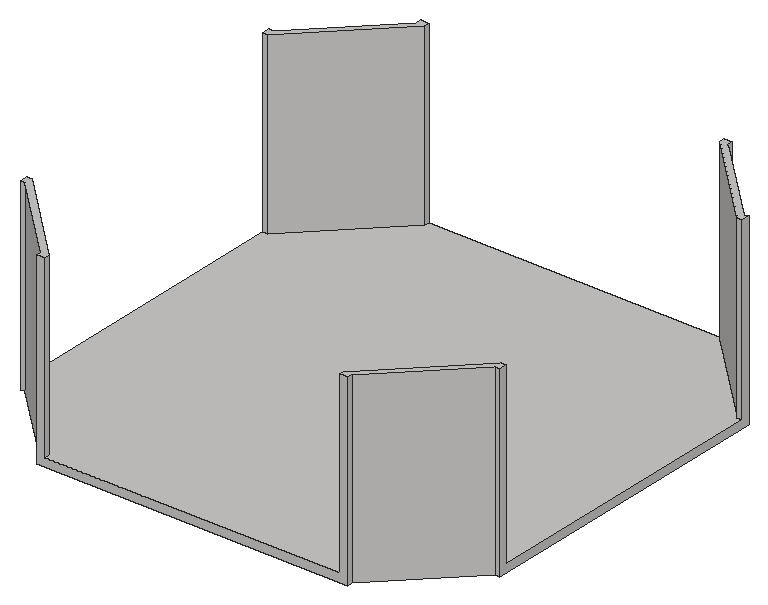
Revit family "Cable_Tray_Fitting-Wire_Mesh_Tray-OBO_Bettermann-Channel_Horizontal_Cross_Over_100-300-GR_Magic", category Cable Tray Fittings, Revit 2012
Parameters (values of type "Hot Dipped Galvanised")
  URL = "http://www.obo-bettermann.com/"
  Tray Width 3 [instance] = 100 mm
  Tray Width 1 [instance] = 100 mm
  Tray Length [instance] = 1.588 mm
  Tray Height [instance] = 60 mm
  built-in parameter 1140111 [instance] = 2.58 mm
  Radius Label 1 [instance] = Radius Label + [built-in parameter 1140111]  # 27.98 mm
  Radius Label [instance] = Radius  # 25.4 mm
  Radius = 25.4 mm
  Product Page URL = "http://catalog2.obo-bettermann.com/catalogue/catalogue.do?favOid=kts_315619&act=showIO&lang=en&action=start&catId=KTS&forward=showSolutionView"
  Product Documentation Link = ""
  Pre Galvanized = yes
  Model = "GR-Magic"
  Manufacturer = "OBO Bettermann"
  Description = "Wire Mesh Cable Tray"
  Connector Description 4 = "Connector for Cable Tray 4"  # constant formula
  Connector Description 3 = "Connector for Cable Tray 3"  # constant formula
  Connector Description 2 = "Connector for Cable Tray 2"  # constant formula
  Connector Description = "Connector for Cable Tray 1"  # constant formula
  Classification = "Refer to online Catalog for UL and cUL classifed sizes and wire sizes."
  Cable Tray Material = Metal - OBO Bettermann - Hot-Dipped-Galvanised
  Assembly Code = "D5030600"
Types (2, lengths in mm): name | Cable Tray Material
  Electro Galvanised | Metal - OBO Bettermann - Electro-Galvanised
  Hot Dipped Galvanised | Metal - OBO Bettermann - Hot-Dipped-Galvanised
Reference planes
  plane 1 "Center (Front/Back)": y = 0
  plane 2: z = 0
  plane 3 "Center (Left/Right)": x = 0
  plane 4: y = 50
  plane 5: y = -50
  plane 6: z = 30
  plane 7: z = -30
  plane 8: y = -75.4
  plane 9: x = -50
  plane 10: x = 50
  plane 11: x = -75.4
  plane 12: x = 75.4
  plane 13: y = -47.42
  plane 14: y = 47.42
  plane 15: y = -76.988
  plane 16: x = -47.42
  plane 17: x = 47.42
  plane 18: x = -76.987
  plane 19: x = 76.988
  plane 20: z = -27.42
  plane 21: y = 75.4
  plane 22: y = 76.987
Forms (mm)
  Extrusion 1, solid, material "Metal - OBO Bettermann - Hot-Dipped-Galvanised" <- "Cable Tray Material", detail levels medium+fine
    sketch origin (-0.8, 0, 0) x (1, 0, 0) y (0, 1, 0)
      loop
        line (-76.187, -47.42) -> (-76.187, -50) -> (-74.6, -50) -> (-49.2, -75.4) -> (-49.2, -76.988) -> (-46.62, -76.988) -> (-46.62, -75.4) -> (-74.6, -47.42) -> (-76.187, -47.42)
      loop
        line (76.2, -50) -> (77.788, -50) -> (77.788, -47.42) -> (76.2, -47.42) -> (48.22, -75.4) -> (48.22, -76.988) -> (50.8, -76.988) -> (50.8, -75.4) -> (76.2, -50)
      loop
        line (-76.187, 50) -> (-76.187, 47.42) -> (-74.6, 47.42) -> (-46.62, 75.4) -> (-46.62, 76.987) -> (-49.2, 76.987) -> (-49.2, 75.4) -> (-74.6, 50) -> (-76.187, 50)
      loop
        line (48.22, 76.987) -> (48.22, 75.4) -> (76.2, 47.42) -> (77.788, 47.42) -> (77.788, 50) -> (76.2, 50) -> (50.8, 75.4) -> (50.8, 76.987) -> (48.22, 76.987)
    from -30 to 30
  Extrusion 2, solid, material "Metal - OBO Bettermann - Hot-Dipped-Galvanised" <- "Cable Tray Material", detail levels medium+fine
    sketch origin (0, 0, 0) x (1, 0, 0) y (0, 1, 0)
      loop
        line (-76.987, -50) -> (-75.4, -50) -> (-50, -75.4) -> (-50, -76.988) -> (50, -76.988) -> (50, -75.4) -> (75.4, -50) -> (76.988, -50) -> (76.988, 50) -> (75.4, 50) -> (50, 75.4) -> (50, 76.987) -> (-50, 76.987) -> (-50, 75.4) -> (-75.4, 50) -> (-76.987, 50) -> (-76.987, -50)
    from -30 to -27.42
  Extrusion 3, solid, material "Metal - OBO Bettermann - Hot-Dipped-Galvanised" <- "Cable Tray Material", detail levels medium
    sketch origin (0, 0, 0) x (1, 0, 0) y (0, 1, 0)
      loop
        line (-76.987, 50) -> (-76.987, -50) -> (-75.4, -50) -> (-50, -75.4) -> (-50, -76.988) -> (50, -76.988) -> (50, -75.4) -> (75.4, -50) -> (76.988, -50) -> (76.988, 50) -> (75.4, 50) -> (50, 75.4) -> (50, 76.987) -> (-50, 76.987) -> (-50, 75.4) -> (-75.4, 50) -> (-76.987, 50)
    from -30 to 30
Cuts and joins
  joined: Extrusion 1, Extrusion 2
Lines and regions (mm)
  model lines, style "Coarse View", detail levels coarse
    curve 1: line (-76.987, 0, 0) -> (76.988, 0, 0)
    curve 2: line (0, 0, 0) -> (0, -76.988, 0)
    curve 3: line (0, 76.987, 0) -> (0, 0, 0)
  symbolic lines, detail levels fine
    curve 4: line (47.42, 76.987, 0) -> (47.42, 75.4, 0)
    curve 5: line (47.42, 75.4, 0) -> (75.4, 47.42, 0)
    curve 6: line (75.4, 47.42, 0) -> (76.988, 47.42, 0)
    curve 7: line (76.988, -47.42, 0) -> (75.4, -47.42, 0)
    curve 8: line (75.4, -47.42, 0) -> (47.42, -75.4, 0)
    curve 9: line (47.42, -75.4, 0) -> (47.42, -76.988, 0)
    curve 10: line (-47.42, -76.988, 0) -> (-47.42, -75.4, 0)
    curve 11: line (-47.42, -75.4, 0) -> (-75.4, -47.42, 0)
    curve 12: line (-75.4, -47.42, 0) -> (-76.987, -47.42, 0)
Dimensions and locks
  equal spacing: plane 4, plane 1 "Center (Front/Back)", plane 5
  "Tray Width 1": plane 4 to plane 5
  equal spacing: plane 6, plane 2, plane 7
  "Tray Height": plane 6 to plane 7
  "Radius Label": plane 5 to plane 8
  equal spacing: plane 9, plane 3 "Center (Left/Right)", plane 10
  "Tray Width 3": plane 9 to plane 10
  "Radius Label": plane 11 to plane 9
  "Radius Label": plane 10 to plane 12
  "built-in parameter 1140111": plane 13 to plane 5
  "built-in parameter 1140111": plane 4 to plane 14
  "Tray Length": plane 8 to plane 15
  "built-in parameter 1140111": plane 9 to plane 16
  "built-in parameter 1140111": plane 17 to plane 10
  "Tray Length": plane 18 to plane 11
  "Tray Length": plane 12 to plane 19
  "built-in parameter 1140111": plane 20 to plane 7
  "Tray Length": plane 21 to plane 22
  "Radius": plane 21 to plane 4
  aligned and locked: plane 11 to Extrusion 1 sketch curve  (x4)
  aligned and locked: Extrusion 1 sketch curve to plane 13
  aligned and locked: plane 18 to Extrusion 1 sketch curve  (x2)
  aligned and locked: Extrusion 1 sketch curve to plane 5
  aligned and locked: plane 8 to Extrusion 1 sketch curve  (x4)
  aligned and locked: plane 15 to Extrusion 1 sketch curve  (x2)
  aligned and locked: plane 16 to Extrusion 1 sketch curve  (x3)
  aligned and locked: plane 9 to Extrusion 1 sketch curve  (x3)
  aligned and locked: Extrusion 1 sketch curve to plane 15  (x2)
  aligned and locked: Extrusion 1 sketch curve to plane 18  (x2)
  aligned and locked: Extrusion 1 to plane 7
  aligned and locked: plane 6 to Extrusion 1
  aligned and locked: plane 19 to Extrusion 1 sketch curve  (x3)
  aligned and locked: plane 5 to Extrusion 1 sketch curve  (x3)
  aligned and locked: plane 13 to Extrusion 1 sketch curve  (x3)
  aligned and locked: Extrusion 1 sketch curve to plane 19
  aligned and locked: Extrusion 1 sketch curve to plane 17
  aligned and locked: Extrusion 1 sketch curve to plane 10  (x2)
  aligned and locked: plane 10 to Extrusion 1 sketch curve  (x2)
  aligned and locked: plane 17 to Extrusion 1 sketch curve  (x3)
  aligned and locked: plane 18 to Extrusion 2 sketch curve  (x2)
  aligned and locked: plane 11 to Extrusion 2 sketch curve  (x2)
  aligned and locked: Extrusion 2 sketch curve to plane 5
  aligned and locked: plane 4 to Extrusion 2 sketch curve
  aligned and locked: plane 5 to Extrusion 2 sketch curve
  aligned and locked: plane 19 to Extrusion 2 sketch curve  (x2)
  aligned and locked: plane 12 to Extrusion 2 sketch curve  (x2)
  aligned and locked: plane 8 to Extrusion 2 sketch curve  (x2)
  aligned and locked: plane 15 to Extrusion 2 sketch curve
  aligned and locked: plane 10 to Extrusion 2 sketch curve
  aligned and locked: plane 9 to Extrusion 2 sketch curve
  aligned and locked: Extrusion 2 sketch curve to plane 15
  aligned and locked: Extrusion 2 to plane 7
  aligned and locked: plane 20 to Extrusion 2
  aligned and locked: plane 18 to Extrusion 3 sketch curve  (x2)
  aligned and locked: plane 11 to Extrusion 3 sketch curve  (x2)
  aligned and locked: Extrusion 3 sketch curve to plane 5  (x2)
  aligned and locked: plane 4 to Extrusion 3 sketch curve  (x2)
  aligned and locked: plane 5 to Extrusion 3 sketch curve
  aligned and locked: plane 12 to Extrusion 3 sketch curve  (x2)
  aligned and locked: plane 19 to Extrusion 3 sketch curve  (x2)
  aligned and locked: plane 15 to Extrusion 3 sketch curve
  aligned and locked: Extrusion 3 sketch curve to plane 10  (x2)
  aligned and locked: plane 8 to Extrusion 3 sketch curve
  aligned and locked: plane 10 to Extrusion 3 sketch curve
  aligned and locked: plane 9 to Extrusion 3 sketch curve
  aligned and locked: Extrusion 3 sketch curve to plane 15
  aligned and locked: Extrusion 3 to plane 7
  aligned and locked: plane 6 to Extrusion 3
  aligned and locked: plane 19 to curve 1
  aligned and locked: plane 18 to curve 1
  aligned and locked: plane 15 to curve 2
  aligned and locked: plane 1 "Center (Front/Back)" to curve 2
  aligned and locked: curve 2 to plane 3 "Center (Left/Right)"
  aligned and locked: Extrusion 1 sketch curve to plane 14
  aligned and locked: Extrusion 1 sketch curve to plane 4
  aligned and locked: plane 22 to Extrusion 1 sketch curve  (x4)
  aligned and locked: Extrusion 1 sketch curve to plane 9
  aligned and locked: Extrusion 1 sketch curve to plane 16
  aligned and locked: plane 4 to Extrusion 1 sketch curve  (x2)
  aligned and locked: plane 14 to Extrusion 1 sketch curve  (x2)
  aligned and locked: plane 22 to Extrusion 3 sketch curve  (x2)
  aligned and locked: plane 21 to Extrusion 3 sketch curve  (x2)
  aligned and locked: Extrusion 3 sketch curve to plane 9
  aligned and locked: plane 22 to Extrusion 2 sketch curve  (x2)
  aligned and locked: plane 21 to Extrusion 2 sketch curve  (x2)
  aligned and locked: Extrusion 2 sketch curve to plane 9
  aligned and locked: Extrusion 2 sketch curve to plane 10
  aligned and locked: plane 22 to curve 3
  aligned and locked: curve 3 to plane 3 "Center (Left/Right)"
  aligned and locked: plane 12 to Extrusion 1 sketch curve  (x3)
  aligned and locked: plane 21 to Extrusion 1 sketch curve  (x4)
  aligned and locked: Extrusion 3 sketch curve to cut or joined group of Extrusion 1, Extrusion 2  (x4)
  aligned and locked: Extrusion 2 sketch curve to cut or joined group of Extrusion 1, Extrusion 2  (x4)
  aligned and locked: curve 4 to cut or joined group of Extrusion 1, Extrusion 2
  aligned and locked: curve 5 to cut or joined group of Extrusion 1, Extrusion 2
  aligned and locked: curve 6 to cut or joined group of Extrusion 1, Extrusion 2
  aligned and locked: curve 7 to cut or joined group of Extrusion 1, Extrusion 2
  aligned and locked: curve 8 to cut or joined group of Extrusion 1, Extrusion 2
  aligned and locked: curve 9 to cut or joined group of Extrusion 1, Extrusion 2
  aligned and locked: curve 10 to cut or joined group of Extrusion 1, Extrusion 2
  aligned and locked: curve 11 to cut or joined group of Extrusion 1, Extrusion 2
  aligned and locked: curve 12 to cut or joined group of Extrusion 1, Extrusion 2
  aligned and locked: plane 18 to curve 12
  aligned and locked: plane 15 to curve 10
  aligned and locked: plane 15 to curve 9
  aligned and locked: plane 19 to curve 7
  aligned and locked: plane 19 to cut or joined group of Extrusion 1, Extrusion 2
  aligned and locked: plane 19 to curve 6
  aligned and locked: plane 22 to curve 4
  aligned and locked: plane 22 to cut or joined group of Extrusion 1, Extrusion 2
Automatic sketch dimensions
  Extrusion 1 sketch curve to plane 12 = 0 mm
  curve 4 to plane 17 = 0 mm
  curve 5 to plane 12 = 0 mm
  curve 5 to plane 14 = 0 mm
  plane 21 to curve 4 = 0 mm
  curve 8 to plane 8 = 0 mm
  curve 8 to plane 17 = 0 mm
  curve 8 to plane 12 = 0 mm
  curve 7 to plane 13 = 0 mm
  curve 11 to plane 11 = 0 mm
  curve 10 to plane 16 = 0 mm
  curve 10 to plane 8 = 0 mm
  curve 11 to plane 13 = 0 mm
Connectors
  cabletrayconduit at (-76.987, 0, 0), driven by "Tray Height", driven by "Tray Width 1", driven by "Connector Description"
    settings: on Extrusion 3, index 1, connector width 100 mm, connector height 60 mm, connector radius 304.8 mm, connector angle 0.00°, system type 32, placement type 0, profile type 1, connector reference index 2, is primary connector yes, connector utility param no, connector description "Connector for Cable Tray 1"
  cabletrayconduit at (76.988, 0, 0), driven by "Tray Height", driven by "Tray Width 1", driven by "Connector Description 2"
    settings: on Extrusion 3, index 2, connector width 100 mm, connector height 60 mm, connector radius 304.8 mm, connector angle 0.00°, system type 32, placement type 0, profile type 1, connector reference index 1, is primary connector no, connector utility param no, connector description "Connector for Cable Tray 2"
  cabletrayconduit at (0, -76.988, 0), driven by "Tray Height", driven by "Tray Width 3", driven by "Connector Description 3"
    settings: on Extrusion 3, index 3, connector width 100 mm, connector height 60 mm, connector radius 304.8 mm, connector angle 0.00°, system type 32, placement type 0, profile type 1, connector reference index 4, is primary connector no, connector utility param no, connector description "Connector for Cable Tray 3"
  cabletrayconduit at (0, 76.987, 0), driven by "Tray Height", driven by "Tray Width 3", driven by "Connector Description 4"
    settings: on Extrusion 3, index 4, connector width 100 mm, connector height 60 mm, connector radius 304.8 mm, connector angle 0.00°, system type 32, placement type 0, profile type 1, connector reference index 3, is primary connector no, connector utility param no, connector description "Connector for Cable Tray 4"
